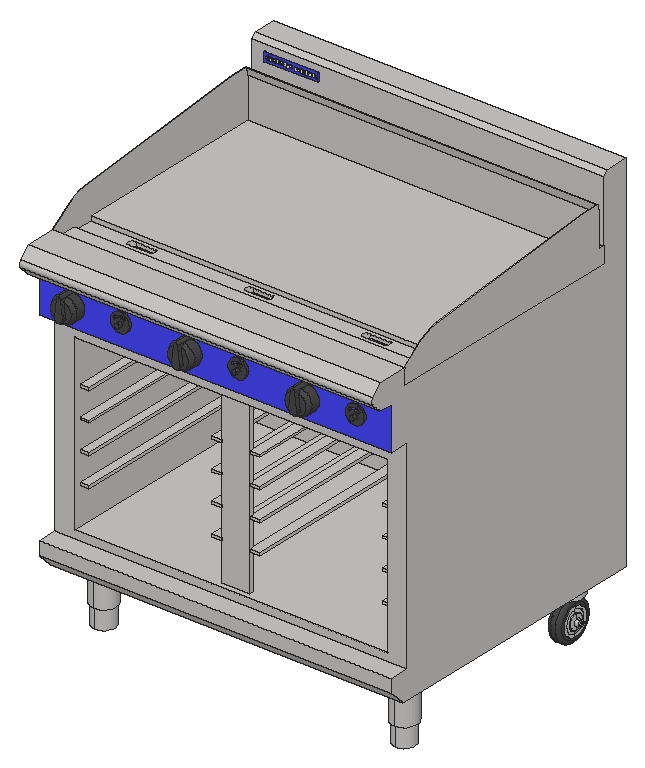
Revit family "QF_MOFFAT_BLUESEAL_CE_G516A-CB", category Specialty Equipment, Revit 2012
Parameters
  Width = 900 mm
  Weight in Pounds = 396  # constant formula
  URL Cutsheet = "www.moffat.com"
  URL = "www.moffat.com"
  Type Mark [instance] = ""
  Status [instance] = ""
  Specification by User [instance] = ""
  Specification by Manufacturer = ""
  Show Logo [instance] = yes
  Show Casters [instance] = yes
  Serial Number = ""
  Seismic Rating = ""
  SMACNA No = ""
  Revision Code [instance] = ""
  Omniclass Number and Title = ""
  NAFEM Spec ID Number = ""
  Model = "G516A-CB"
  Mechanical Remarks = ""
  Mechanical Connection Type = ""
  Masterspec = ""
  Manufacturer = "MOFFAT BLUESEAL"
  Legs [instance] = not(Show Casters)  # no
  Item Number [instance] = ""
  Installed By [instance] = ""
  Identify Quantity as Lot [instance] = yes
  Gas Size = 3/4"
  Gas RI Height = 0 mm
  Gas KW = 16.6
  Gas Input = 56869.0 Btu/h
  Gas Connection Height = 0 mm
  Furnished By [instance] = ""
  Foodservice Equipment Identifier [instance] = yes
  Description = "900MM GAS GRIDDLE PLATE ON CABINET BASE"
  Depth = 812 mm
  CSI MasterFormat = ""
  CSI Master Format = ""
  Base Height [instance] = 150 mm
Reference planes
  plane 1 "BACK": y = 0
  plane 2: z = 0
  plane 3 "LEFT": x = 0
  plane 4 "RIGHT": x = 900
  plane 5 "FRONT": y = -812
  plane 6 "TOP": z = 970
  plane 7 "Center Y": x = 450
  plane 8 "Center X": y = -406
  plane 9 "Base Height": z = 150
  plane 10: z = 915
  plane 11: z = 1085
  plane 12: z = 740
  plane 13: x = 834
  plane 14: x = 65
  plane 15: y = -625
  plane 16: y = -100
Forms (mm)
  Extrusion 1, solid, material "QF_Finishes_Stainless Steel"
    sketch origin (0, 0, 0) x (0, 1, 0) y (0, 0, 1)
      loop
        line (0, 150) -> (0, 1085) -> (-57.5, 1085) -> (-70, 1072.5) -> (-70, 875) -> (-705.25, 875) -> (-705.25, 915) -> (-783.97, 915) -> (-808.485, 890.485)
        arc (-808.485, 890.485) -> (-811.999, 882) -> (-808.485, 873.515) r 12
        line (-808.485, 873.515) -> (-784.97, 850) -> (-749, 850) -> (-749, 740) -> (-130.5, 740) -> (-130.5, 222.5) -> (-749, 222.5) -> (-749, 186) -> (-713, 150) -> (0, 150)
    from 0 to 900
  Extrusion 2, void
    sketch origin (705, 3, 100) x (1, 0, 0) y (0, 1, 0)
      loop
        circle (65, -35) r 13.5
    from 640 to 570
  Revolve 3, solid, material "QF_Finishes_Black"
    sketch origin (90, 7, 760) x (0, 1, 0) y (0, 0, -1)
      loop
        line (-789, -69.5) -> (-766, -69.5) -> (-766, -42) -> (-756, -42) -> (-756, -37) -> (-800, -37) -> (-800, -63.651) -> (-789, -69.5)
      axis (-800, -37) -> (-756, -37)
    angle from 0 to 360
  Extrusion 4, solid, material "QF_Finishes_Black"
    sketch origin (228.27, 7, 760.158) x (-1, 0, 0) y (0, 0, -1)
      loop
        line (127.85, -26.037) -> (133.271, -68.955)
        arc (133.271, -68.955) -> (138.27, -73.842) -> (143.268, -68.955) r 5
        line (143.268, -68.955) -> (148.757, -24.87)
        arc (148.757, -24.87) -> (137.685, -14.371) -> (127.85, -26.037) r 10.487
    from 759 to 808
  Revolve 5, solid, material "QF_Finishes_Stainless Steel", visible <- "Legs"
    sketch origin (834, -165, 0) x (0, 1, 0) y (0, 0, -1)
      loop
        line (33.25, -150) -> (65, -150) -> (65, 0) -> (37.5, 0) -> (37.5, -50) -> (33.25, -50) -> (33.25, -150)
      axis (65, -150) -> (65, 0)
    angle from 0 to 360
  Revolve 6, solid, material "QF_Finishes_Stainless Steel"
    sketch origin (834, -728, 0) x (0, 1, 0) y (0, 0, -1)
      loop
        line (71.25, -150) -> (103, -150) -> (103, 0) -> (75.5, 0) -> (75.5, -50) -> (71.25, -50) -> (71.25, -150)
      axis (103, -150) -> (103, 0)
    angle from 0 to 360
  Extrusion 7, solid, material "QF_Finishes_Stainless Steel"
    sketch origin (0, -130.5, 735) x (0, 0, 1) y (-1, 0, 0)
      loop
        line (5, -900) -> (5, 0) -> (-512.5, 0) -> (-512.5, -900) -> (5, -900)
      loop
        line (-50, -850) -> (-50, -50) -> (-492.5, -50) -> (-492.5, -850) -> (-50, -850)
    from 0 to 568.5
  Extrusion 8, void
    sketch origin (0, 0, 150) x (-1, 0, 0) y (0, -1, 0)
      loop
        line (-824.497, 87.26) -> (-824.497, -30.24) -> (-694.997, -30.24) -> (-694.997, 38.76) -> (-743.497, 87.26) -> (-824.497, 87.26)
    from 72.5 to 590
  Extrusion 9, solid, material "QF_Finishes_Stainless Steel"
    sketch origin (0, -130.5, 735) x (0, 0, 1) y (-1, 0, 0)
      loop
        line (-50, -485.5) -> (-50, -414.5) -> (-492.5, -414.5) -> (-492.5, -485.5) -> (-50, -485.5)
    from 543.302 to 553.302
  Extrusion 10, solid, material "QF_Finishes_Stainless Steel"
    sketch origin (0, -130.5, 735) x (0, 0, 1) y (-1, 0, 0)
      loop
        line (-246.25, -414.5) -> (-239.9, -414.5) -> (-239.9, -389.5) -> (-246.25, -389.5) -> (-246.25, -414.5)
      loop
        line (-321.25, -414.5) -> (-314.9, -414.5) -> (-314.9, -389.5) -> (-321.25, -389.5) -> (-321.25, -414.5)
      loop
        line (-321.25, -50) -> (-321.25, -75) -> (-314.9, -75) -> (-314.9, -50) -> (-321.25, -50)
      loop
        line (-239.9, -75) -> (-239.9, -50) -> (-246.25, -50) -> (-246.25, -75) -> (-239.9, -75)
      loop
        line (-396.25, -414.5) -> (-389.9, -414.5) -> (-389.9, -389.5) -> (-396.25, -389.5) -> (-396.25, -414.5)
      loop
        line (-396.25, -50) -> (-396.25, -75) -> (-389.9, -75) -> (-389.9, -50) -> (-396.25, -50)
      loop
        line (-171.25, -414.5) -> (-164.9, -414.5) -> (-164.9, -389.5) -> (-171.25, -389.5) -> (-171.25, -414.5)
      loop
        line (-164.9, -75) -> (-164.9, -50) -> (-171.25, -50) -> (-171.25, -75) -> (-164.9, -75)
      loop
        line (-246.25, -485.5) -> (-246.25, -510.5) -> (-239.9, -510.5) -> (-239.9, -485.5) -> (-246.25, -485.5)
      loop
        line (-321.25, -485.5) -> (-321.25, -510.5) -> (-314.9, -510.5) -> (-314.9, -485.5) -> (-321.25, -485.5)
      loop
        line (-321.25, -850) -> (-314.9, -850) -> (-314.9, -825) -> (-321.25, -825) -> (-321.25, -850)
      loop
        line (-239.9, -825) -> (-246.25, -825) -> (-246.25, -850) -> (-239.9, -850) -> (-239.9, -825)
      loop
        line (-396.25, -485.5) -> (-396.25, -510.5) -> (-389.9, -510.5) -> (-389.9, -485.5) -> (-396.25, -485.5)
      loop
        line (-396.25, -850) -> (-389.9, -850) -> (-389.9, -825) -> (-396.25, -825) -> (-396.25, -850)
      loop
        line (-171.25, -485.5) -> (-171.25, -510.5) -> (-164.9, -510.5) -> (-164.9, -485.5) -> (-171.25, -485.5)
      loop
        line (-164.9, -825) -> (-171.25, -825) -> (-171.25, -850) -> (-164.9, -850) -> (-164.9, -825)
    from 0 to 553.302
  Extrusion 11, solid, material "QF_Finishes_Stainless Steel"
    sketch origin (705, -4.5, 740) x (0, 1, 0) y (1, 0, 0)
      loop
        circle (-27.5, 65) r 6.35
    from 0 to 1.6
  Revolve 12, solid, material "QF_Finishes_Stainless Steel", visible <- "Show Casters"
    sketch origin (784.648, -99.755, -13.653) x (1, 0, 0) y (0, 0, 1)
      loop
        line (14.841, 63.604) -> (83.584, 63.604) -> (83.584, 67.109) -> (82.314, 68.379) -> (80.79, 68.379) -> (80.79, 71.826) -> (68.644, 71.826) -> (68.644, 81.79) -> (65.088, 83.843) -> (63.738, 92.179) -> (65.881, 92.179) -> (65.881, 98.529) -> (65.088, 98.529) -> (65.088, 104.879)
        arc (65.088, 104.879) -> (62.298, 111.614) -> (55.563, 114.404) r 9.525
        line (55.563, 114.404) -> (42.863, 114.404)
        arc (42.863, 114.404) -> (36.127, 111.614) -> (33.338, 104.879) r 9.525
        line (33.338, 104.879) -> (33.338, 98.529) -> (32.544, 98.529) -> (32.544, 92.179) -> (34.687, 92.179) -> (33.352, 83.932) -> (29.782, 81.871) -> (29.782, 71.826) -> (17.635, 71.826) -> (17.635, 68.379) -> (16.111, 68.379) -> (14.841, 67.109) -> (14.841, 63.604)
      axis (14.841, 63.604) -> (83.584, 63.604)
    angle from 0 to 360
  Revolve 13, solid, material "QF_Finishes_Stainless Steel", visible <- "Show Casters"
    sketch origin (833.871, -203, 0) x (0, 1, 0) y (0, 0, 1)
      loop
        line (68.25, 150) -> (68.25, 110) -> (104, 110) -> (104, 150) -> (68.25, 150)
      axis (104, 150) -> (104, 110)
    angle from 0 to 360
  Revolve 14, solid, material "QF_Finishes_Stainless Steel", visible <- "Legs"
    sketch origin (65, -165, 0) x (0, 1, 0) y (0, 0, -1)
      loop
        line (33.25, -150) -> (65, -150) -> (65, 0) -> (37.5, 0) -> (37.5, -50) -> (33.25, -50) -> (33.25, -150)
      axis (65, -150) -> (65, 0)
    angle from 0 to 360
  Revolve 15, solid, material "QF_Finishes_Stainless Steel"
    sketch origin (65, -728, 0) x (0, 1, 0) y (0, 0, -1)
      loop
        line (71.25, -150) -> (103, -150) -> (103, 0) -> (75.5, 0) -> (75.5, -50) -> (71.25, -50) -> (71.25, -150)
      axis (103, -150) -> (103, 0)
    angle from 0 to 360
  Revolve 16, solid, material "QF_Finishes_Stainless Steel", visible <- "Show Casters"
    sketch origin (15.648, -99.755, -13.653) x (1, 0, 0) y (0, 0, 1)
      loop
        line (14.841, 63.604) -> (83.584, 63.604) -> (83.584, 67.109) -> (82.314, 68.379) -> (80.79, 68.379) -> (80.79, 71.826) -> (68.644, 71.826) -> (68.644, 81.79) -> (65.088, 83.843) -> (63.738, 92.179) -> (65.881, 92.179) -> (65.881, 98.529) -> (65.088, 98.529) -> (65.088, 104.879)
        arc (65.088, 104.879) -> (62.298, 111.614) -> (55.563, 114.404) r 9.525
        line (55.563, 114.404) -> (42.863, 114.404)
        arc (42.863, 114.404) -> (36.127, 111.614) -> (33.338, 104.879) r 9.525
        line (33.338, 104.879) -> (33.338, 98.529) -> (32.544, 98.529) -> (32.544, 92.179) -> (34.687, 92.179) -> (33.352, 83.932) -> (29.782, 81.871) -> (29.782, 71.826) -> (17.635, 71.826) -> (17.635, 68.379) -> (16.111, 68.379) -> (14.841, 67.109) -> (14.841, 63.604)
      axis (14.841, 63.604) -> (83.584, 63.604)
    angle from 0 to 360
  Revolve 17, solid, material "QF_Finishes_Stainless Steel", visible <- "Show Casters"
    sketch origin (64.871, -203, 0) x (0, 1, 0) y (0, 0, 1)
      loop
        line (68.25, 150) -> (68.25, 110) -> (104, 110) -> (104, 150) -> (68.25, 150)
      axis (104, 150) -> (104, 110)
    angle from 0 to 360
  Revolve 18, solid, material "QF_Finishes_Black"
    sketch origin (390, 7, 760) x (0, 1, 0) y (0, 0, -1)
      loop
        line (-789, -69.5) -> (-766, -69.5) -> (-766, -42) -> (-756, -42) -> (-756, -37) -> (-800, -37) -> (-800, -63.651) -> (-789, -69.5)
      axis (-800, -37) -> (-756, -37)
    angle from 0 to 360
  Extrusion 19, solid, material "QF_Finishes_Black"
    sketch origin (528.27, 7, 760.158) x (-1, 0, 0) y (0, 0, -1)
      loop
        line (127.85, -26.037) -> (133.271, -68.955)
        arc (133.271, -68.955) -> (138.27, -73.842) -> (143.268, -68.955) r 5
        line (143.268, -68.955) -> (148.757, -24.87)
        arc (148.757, -24.87) -> (137.685, -14.371) -> (127.85, -26.037) r 10.487
    from 759 to 808
  Revolve 20, solid, material "QF_Finishes_Black"
    sketch origin (690, 7, 760) x (0, 1, 0) y (0, 0, -1)
      loop
        line (-789, -69.5) -> (-766, -69.5) -> (-766, -42) -> (-756, -42) -> (-756, -37) -> (-800, -37) -> (-800, -63.651) -> (-789, -69.5)
      axis (-800, -37) -> (-756, -37)
    angle from 0 to 360
  Extrusion 21, solid, material "QF_Finishes_Black"
    sketch origin (828.27, 7, 760.158) x (-1, 0, 0) y (0, 0, -1)
      loop
        line (127.85, -26.037) -> (133.271, -68.955)
        arc (133.271, -68.955) -> (138.27, -73.842) -> (143.268, -68.955) r 5
        line (143.268, -68.955) -> (148.757, -24.87)
        arc (148.757, -24.87) -> (137.685, -14.371) -> (127.85, -26.037) r 10.487
    from 759 to 808
  Extrusion 22, solid, material "QF_Finishes_Black"
    sketch origin (0, -749, 850) x (0, 0, -1) y (1, 0, 0)
      loop
        circle (53, 210) r 23.9
      loop
        circle (53, 510) r 23.9
      loop
        circle (53, 810) r 23.9
      loop
        arc (45.641, 818.419) -> (46.501, 823.219) -> (41.701, 824.079) r 3.448
        arc (41.701, 824.079) -> (35.116, 809.341) -> (42.919, 795.209) r 18.095
        arc (42.919, 795.209) -> (47.641, 796.491) -> (46.326, 801.204) r 3.448
        arc (46.326, 801.204) -> (42.758, 809.683) -> (45.641, 818.419) r 13.109
      loop
        arc (45.641, 518.419) -> (46.501, 523.219) -> (41.701, 524.079) r 3.448
        arc (41.701, 524.079) -> (35.116, 509.341) -> (42.919, 495.209) r 18.095
        arc (42.919, 495.209) -> (47.641, 496.491) -> (46.326, 501.204) r 3.448
        arc (46.326, 501.204) -> (42.758, 509.683) -> (45.641, 518.419) r 13.109
      loop
        arc (45.641, 218.419) -> (46.501, 223.219) -> (41.701, 224.079) r 3.448
        arc (41.701, 224.079) -> (35.116, 209.341) -> (42.919, 195.209) r 18.095
        arc (42.919, 195.209) -> (47.641, 196.491) -> (46.326, 201.204) r 3.448
        arc (46.326, 201.204) -> (42.758, 209.683) -> (45.641, 218.419) r 13.109
    from 0 to 5
  Extrusion 23, solid, material "QF_Finishes_Black"
    sketch origin (0, -754, 850) x (0, 0, -1) y (1, 0, 0)
      loop
        circle (56.5, 210) r 5.75
      loop
        circle (56.5, 510) r 5.75
      loop
        circle (56.5, 810) r 5.75
    from 0 to 10
Cuts and joins
  Extrusion 2, Extrusion 8 cuts Extrusion 1
  joined: Extrusion 1, Extrusion 7
Lines and regions (mm)
  Split face 1
    outline origin (900, 0, 1085) x (-1, 0, 0) y (0, -1, 0)
      loop
        arc (856, 18.385) -> (864.66, 23.385) -> (864.66, 33.385) r 10
        line (864.66, 33.385) -> (860.619, 40.385)
        arc (860.619, 40.385) -> (856.959, 44.045) -> (851.959, 45.385) r 10
        line (851.959, 45.385) -> (624, 45.385)
        arc (624, 45.385) -> (615.34, 40.385) -> (615.34, 30.385) r 10
        line (615.34, 30.385) -> (619.381, 23.385)
        arc (619.381, 23.385) -> (623.041, 19.725) -> (628.041, 18.385) r 10
        line (628.041, 18.385) -> (856, 18.385)
  Split face 2
    outline origin (900, 0, 1085) x (-1, 0, 0) y (0, -1, 0)
      loop
        arc (44, 45.385) -> (35.34, 40.385) -> (35.34, 30.385) r 10
        line (35.34, 30.385) -> (39.381, 23.385)
        arc (39.381, 23.385) -> (43.041, 19.725) -> (48.041, 18.385) r 10
        line (48.041, 18.385) -> (276, 18.385)
        arc (276, 18.385) -> (284.66, 23.385) -> (284.66, 33.385) r 10
        line (284.66, 33.385) -> (280.619, 40.385)
        arc (280.619, 40.385) -> (276.959, 44.045) -> (271.959, 45.385) r 10
        line (271.959, 45.385) -> (44, 45.385)
  Split face 3
    outline origin (900, 0, 1085) x (-1, 0, 0) y (0, -1, 0)
      loop
        arc (566, 18.385) -> (574.66, 23.385) -> (574.66, 33.385) r 10
        line (574.66, 33.385) -> (570.619, 40.385)
        arc (570.619, 40.385) -> (566.959, 44.045) -> (561.959, 45.385) r 10
        line (561.959, 45.385) -> (334, 45.385)
        arc (334, 45.385) -> (325.34, 40.385) -> (325.34, 30.385) r 10
        line (325.34, 30.385) -> (329.381, 23.385)
        arc (329.381, 23.385) -> (333.041, 19.725) -> (338.041, 18.385) r 10
        line (338.041, 18.385) -> (566, 18.385)
  symbolic lines, style "SpecialityEquipmentHiddenLines", visible <- "Show Casters"
    curve 1: line (78.456, -46.735, 0) -> (105.952, -62.61, 0)
    curve 2: line (27.656, -134.723, 0) -> (78.456, -46.735, 0)
    curve 3: line (55.152, -150.598, 0) -> (27.656, -134.723, 0)
    curve 4: line (105.952, -62.61, 0) -> (55.152, -150.598, 0)
    curve 5: line (847.456, -46.735, 0) -> (874.952, -62.61, 0)
    curve 6: line (796.656, -134.723, 0) -> (847.456, -46.735, 0)
    curve 7: line (824.152, -150.598, 0) -> (796.656, -134.723, 0)
    curve 8: line (874.952, -62.61, 0) -> (824.152, -150.598, 0)
  symbolic lines
    curve 9: line (0, -783.97, 0) -> (900, -783.97, 0)
    curve 10: line (0, -811.999, 0) -> (900, -811.999, 0)
    curve 11: line (0, 0, 0) -> (0, -811.999, 0)
    curve 12: line (900, 0, 0) -> (0, 0, 0)
    curve 13: line (900, -811.999, 0) -> (900, 0, 0)
    curve 14: line (624, -18.385, 0) -> (851.959, -18.385, 0)
    curve 15: arc (851.959, -18.385, 0) -> (856.959, -19.725, 0) -> (860.619, -23.385, 0) r 10
    curve 16: line (860.619, -23.385, 0) -> (864.66, -30.385, 0)
    curve 17: arc (864.66, -30.385, 0) -> (864.66, -40.385, 0) -> (856, -45.385, 0) r 10
    curve 18: line (856, -45.385, 0) -> (628.041, -45.385, 0)
    curve 19: arc (628.041, -45.385, 0) -> (623.041, -44.045, 0) -> (619.381, -40.385, 0) r 10
    curve 20: line (619.381, -40.385, 0) -> (615.34, -33.385, 0)
    curve 21: arc (615.34, -33.385, 0) -> (615.34, -23.385, 0) -> (624, -18.385, 0) r 10
    curve 22: line (561.959, -18.385, 0) -> (334, -18.385, 0)
    curve 23: arc (334, -18.385, 0) -> (325.34, -23.385, 0) -> (325.34, -33.385, 0) r 10
    curve 24: line (325.34, -33.385, 0) -> (329.381, -40.385, 0)
    curve 25: arc (329.381, -40.385, 0) -> (333.041, -44.045, 0) -> (338.041, -45.385, 0) r 10
    curve 26: line (338.041, -45.385, 0) -> (566, -45.385, 0)
    curve 27: arc (566, -45.385, 0) -> (574.66, -40.385, 0) -> (574.66, -30.385, 0) r 10
    curve 28: line (574.66, -30.385, 0) -> (570.619, -23.385, 0)
    curve 29: arc (570.619, -23.385, 0) -> (566.959, -19.725, 0) -> (561.959, -18.385, 0) r 10
    curve 30: line (44, -18.385, 0) -> (271.959, -18.385, 0)
    curve 31: arc (271.959, -18.385, 0) -> (276.959, -19.725, 0) -> (280.619, -23.385, 0) r 10
    curve 32: line (280.619, -23.385, 0) -> (284.66, -30.385, 0)
    curve 33: arc (284.66, -30.385, 0) -> (284.66, -40.385, 0) -> (276, -45.385, 0) r 10
    curve 34: line (276, -45.385, 0) -> (48.041, -45.385, 0)
    curve 35: arc (48.041, -45.385, 0) -> (43.041, -44.045, 0) -> (39.381, -40.385, 0) r 10
    curve 36: line (39.381, -40.385, 0) -> (35.34, -33.385, 0)
    curve 37: arc (35.34, -33.385, 0) -> (35.34, -23.385, 0) -> (44, -18.385, 0) r 10
    curve 38: line (0, -705.25, 0) -> (900, -705.25, 0)
    curve 39: line (0, -57.5, 0) -> (900, -57.5, 0)
    curve 40: line (0, -70, 0) -> (900, -70, 0)
Dimensions and locks
  equal spacing: plane 3 "LEFT", plane 7 "Center Y", plane 4 "RIGHT"
  "Width": plane 3 "LEFT" to plane 4 "RIGHT"
  equal spacing: plane 5 "FRONT", plane 8 "Center X", plane 1 "BACK"
  "Depth": plane 5 "FRONT" to plane 1 "BACK"
  "Base Height": plane 9 "Base Height" to level
  plane 10 to level = 915 mm
  cut or joined group of Extrusion 1, Extrusion 2, Extrusion 7, Extrusion 8 to level = 740 mm
  plane 11 to plane 2 = 1085 mm
  plane 2 to plane 12 = 740 mm
  plane 13 to plane 14 = 769 mm
  plane 16 to plane 15 = 525 mm
  plane 1 "BACK" to plane 16 = 100 mm
  Revolve 12 sketch curve to Revolve 12 sketch curve = 50.8 mm
  Extrusion 11 sketch curve to plane 4 "RIGHT" = 130 mm
  Revolve 16 sketch curve to Revolve 16 sketch curve = 50.8 mm
  Extrusion 11 sketch curve to plane 1 "BACK" = 32 mm
  aligned and locked: level to plane 2
Automatic sketch dimensions
  plane 1 "BACK" to curve 12 = 0 mm
  curve 12 to plane 3 "LEFT" = 0 mm
  curve 10 to plane 4 "RIGHT" = 0 mm
  plane 3 "LEFT" to curve 2 = 27.656 mm
  curve 36 to plane 14 = 29.66 mm
  curve 37 to curve 35 = 4.041 mm  (x2)
  curve 37 to curve 37 = 8.66 mm
  curve 4 to plane 14 = 9.848 mm
  plane 14 to curve 1 = 13.456 mm
  plane 1 "BACK" to curve 30 = 18.385 mm
  curve 1 to curve 30 = 166.007 mm
  curve 31 to curve 34 = 4.041 mm
  curve 30 to curve 31 = 8.66 mm
  plane 1 "BACK" to curve 32 = 30.385 mm
  curve 31 to curve 32 = 4.041 mm
  plane 1 "BACK" to curve 24 = 33.385 mm
  curve 32 to curve 24 = 40.679 mm
  curve 24 to curve 25 = 4.041 mm
  curve 23 to curve 22 = 8.66 mm
  curve 25 to curve 25 = 8.66 mm
  plane 1 "BACK" to curve 29 = 28.385 mm
  plane 7 "Center Y" to curve 29 = 111.959 mm
  curve 29 to curve 27 = 4.041 mm
  curve 22 to curve 29 = 8.66 mm
  plane 1 "BACK" to curve 28 = 30.385 mm
  curve 29 to curve 28 = 4.041 mm
  plane 1 "BACK" to curve 20 = 33.385 mm
  curve 28 to curve 20 = 40.679 mm
  plane 1 "BACK" to curve 20 = 40.385 mm
  curve 20 to curve 20 = 4.041 mm
  curve 20 to curve 21 = 8.66 mm
  curve 21 to curve 19 = 4.041 mm
  curve 6 to plane 13 = 37.344 mm
  curve 8 to plane 13 = 9.848 mm
  plane 13 to curve 6 = 13.456 mm
  plane 13 to curve 15 = 17.959 mm
  curve 15 to curve 17 = 4.041 mm
  curve 14 to curve 16 = 8.66 mm
  curve 16 to curve 16 = 4.041 mm
  curve 35 to curve 30 = 27 mm
  curve 19 to curve 19 = 5 mm
  curve 25 to curve 23 = 12 mm
  curve 1 to curve 35 = 1.35 mm
  curve 5 to curve 17 = 1.35 mm
  curve 39 to plane 16 = 42.5 mm
  curve 8 to curve 39 = 5.11 mm
  curve 1 to curve 1 = 15.875 mm
  curve 40 to curve 39 = 12.5 mm
  plane 15 to curve 38 = 80.25 mm
  curve 9 to plane 5 "FRONT" = 28.03 mm
  curve 10 to plane 5 "FRONT" = 0.001 mm
  curve 25 to curve 24 = 7 mm
  curve 34 to curve 35 = 5 mm
  curve 18 to curve 17 = 10 mm
  curve 35 to curve 37 = 7 mm
  curve 25 to curve 23 = 7 mm
  curve 19 to curve 21 = 7 mm
  curve 33 to curve 31 = 7 mm
  curve 17 to curve 15 = 7 mm
  Extrusion 1 sketch curve to plane 10 = 0 mm
  plane 12 to Extrusion 1 sketch curve = 0 mm
  Extrusion 1 sketch curve to plane 9 "Base Height" = 0 mm
  Extrusion 1 sketch curve to plane 11 = 0 mm
  Extrusion 1 sketch curve to plane 1 "BACK" = 0 mm
  Extrusion 1 sketch curve to plane 16 = 42.5 mm
  Extrusion 1 sketch curve to plane 16 = 30 mm
  plane 16 to Extrusion 1 sketch curve = 30.5 mm
  plane 15 to Extrusion 1 sketch curve = 80.25 mm
  plane 15 to Extrusion 1 sketch curve = 88 mm
  Extrusion 1 sketch curve to plane 5 "FRONT" = 63 mm  (x2)
  Extrusion 1 sketch curve to plane 5 "FRONT" = 28.03 mm
  Extrusion 1 sketch curve to plane 5 "FRONT" = 27.03 mm
  Extrusion 1 sketch curve to plane 5 "FRONT" = 12.001 mm
  Extrusion 1 sketch curve to plane 5 "FRONT" = 3.515 mm  (x2)
  plane 9 "Base Height" to Extrusion 1 sketch curve = 36 mm
  Extrusion 1 sketch curve to Extrusion 1 sketch curve = 36.5 mm
  Extrusion 1 sketch curve to plane 10 = 65 mm
  Extrusion 1 sketch curve to Extrusion 1 sketch curve = 23.515 mm
  Extrusion 1 sketch curve to plane 10 = 40 mm
  Extrusion 1 sketch curve to Extrusion 1 sketch curve = 8.485 mm
  Extrusion 1 sketch curve to plane 11 = 12.5 mm
  plane 1 "BACK" to Extrusion 2 sketch curve = 32 mm
  Extrusion 2 sketch curve to plane 13 = 64 mm
  Revolve 3 sketch curve to plane 5 "FRONT" = 19 mm
  Revolve 3 sketch curve to Revolve 3 sketch curve = 0 mm  (x2)
  Revolve 3 sketch curve to Revolve 3 sketch curve = 11 mm
  Revolve 3 sketch curve to Revolve 3 sketch curve = 12.7 mm
  Revolve 3 sketch curve to Revolve 3 sketch curve = 23 mm
  Revolve 3 sketch curve to Revolve 3 sketch curve = 10 mm
  Revolve 3 sketch curve to plane 10 = 85.5 mm
  Revolve 3 sketch curve to Revolve 3 sketch curve = 5.849 mm
  Revolve 3 sketch curve to Revolve 3 sketch curve = 27.5 mm
  Revolve 3 sketch curve to Revolve 3 sketch curve = 5 mm
  plane 14 to Extrusion 4 sketch curve = 35.419 mm
  plane 14 to Extrusion 4 sketch curve = 29.999 mm
  Extrusion 4 sketch curve to Extrusion 4 sketch curve = 10.419 mm
  Extrusion 4 sketch curve to Extrusion 4 sketch curve = 4.999 mm  (x2)
  Extrusion 4 sketch curve to Extrusion 4 sketch curve = 10.487 mm
  Extrusion 4 sketch curve to plane 10 = 85.887 mm
  Extrusion 4 sketch curve to Extrusion 4 sketch curve = 0.113 mm
  Extrusion 4 sketch curve to Extrusion 4 sketch curve = 42.919 mm
  Extrusion 4 sketch curve to Extrusion 4 sketch curve = 1.167 mm
  Revolve 5 sketch curve to plane 9 "Base Height" = 0 mm
  Revolve 5 sketch curve to level = 0 mm
  Revolve 5 sketch curve to plane 16 = 0 mm  (x2)
  plane 16 to Revolve 5 sketch curve = 27.5 mm
  plane 16 to Revolve 5 sketch curve = 31.75 mm
  level to Revolve 5 sketch curve = 50 mm
  Revolve 5 sketch curve to Revolve 5 sketch curve = 0 mm
  Revolve 5 sketch curve to Revolve 5 sketch curve = 55 mm
  Revolve 6 sketch curve to plane 9 "Base Height" = 0 mm
  Revolve 6 sketch curve to level = 0 mm
  Revolve 6 sketch curve to plane 15 = 0 mm  (x2)
  plane 15 to Revolve 6 sketch curve = 27.5 mm
  plane 15 to Revolve 6 sketch curve = 31.75 mm
  level to Revolve 6 sketch curve = 50 mm
  Revolve 6 sketch curve to Revolve 6 sketch curve = 0 mm
  Revolve 6 sketch curve to Revolve 6 sketch curve = 55 mm
  Extrusion 1 to Extrusion 7 sketch curve = 0 mm
  Extrusion 7 sketch curve to Extrusion 1 = 0 mm  (x3)
  Extrusion 1 to Extrusion 7 sketch curve = 20 mm
  Extrusion 7 sketch curve to Extrusion 1 = 55 mm
  Extrusion 1 to Extrusion 7 sketch curve = 50 mm  (x2)
  Extrusion 8 sketch curve to plane 13 = 9.503 mm
  Extrusion 8 sketch curve to plane 16 = 12.74 mm
  Extrusion 8 sketch curve to Extrusion 8 sketch curve = 81 mm
  Extrusion 8 sketch curve to Extrusion 8 sketch curve = 48.5 mm
  plane 1 "BACK" to Extrusion 8 sketch curve = 38.76 mm
  Extrusion 8 sketch curve to plane 1 "BACK" = 30.24 mm
  Extrusion 1 to Extrusion 9 sketch curve = 20 mm
  Extrusion 9 sketch curve to Extrusion 1 = 55 mm
  Extrusion 1 to Extrusion 9 sketch curve = 414.5 mm
  Extrusion 9 sketch curve to Extrusion 9 sketch curve = 71 mm
  Extrusion 1 to Extrusion 10 sketch curve = 116.25 mm  (x3)
  Extrusion 10 sketch curve to Extrusion 10 sketch curve = 0 mm  (x6)
  Extrusion 1 to Extrusion 10 sketch curve = 50 mm  (x4)
  Extrusion 10 sketch curve to Extrusion 10 sketch curve = 6.35 mm  (x16)
  Extrusion 10 sketch curve to Extrusion 10 sketch curve = 68.65 mm  (x12)
  Extrusion 10 sketch curve to Extrusion 10 sketch curve = 25 mm  (x16)
  Extrusion 10 sketch curve to Extrusion 10 sketch curve = 314.5 mm
  Extrusion 10 sketch curve to Extrusion 10 sketch curve = 71 mm  (x4)
  Extrusion 1 to Extrusion 10 sketch curve = 75 mm  (x2)
  Split face 1 sketch curve to cut or joined group of Extrusion 1, Extrusion 2, Extrusion 7, Extrusion 8 = 27.115 mm
  Split face 1 sketch curve to cut or joined group of Extrusion 1, Extrusion 2, Extrusion 7, Extrusion 8 = 284.66 mm
  Split face 1 sketch curve to Split face 1 sketch curve = 4.041 mm  (x4)
  Split face 1 sketch curve to Split face 1 sketch curve = 8.66 mm  (x2)
  Split face 1 sketch curve to cut or joined group of Extrusion 1, Extrusion 2, Extrusion 7, Extrusion 8 = 12.115 mm
  Split face 1 sketch curve to cut or joined group of Extrusion 1, Extrusion 2, Extrusion 7, Extrusion 8 = 48.041 mm
  Split face 1 sketch curve to Split face 1 sketch curve = 7 mm  (x3)
  Split face 1 sketch curve to Split face 1 sketch curve = 17 mm
  Split face 2 sketch curve to cut or joined group of Extrusion 1, Extrusion 2, Extrusion 7, Extrusion 8 = 35.34 mm
  Split face 2 sketch curve to Split face 2 sketch curve = 4.041 mm  (x4)
  Split face 2 sketch curve to Split face 2 sketch curve = 8.66 mm  (x2)
  Split face 2 sketch curve to cut or joined group of Extrusion 1, Extrusion 2, Extrusion 7, Extrusion 8 = 22.115 mm
  Split face 2 sketch curve to Split face 2 sketch curve = 223.917 mm
  Split face 2 sketch curve to cut or joined group of Extrusion 1, Extrusion 2, Extrusion 7, Extrusion 8 = 17.115 mm
  Split face 2 sketch curve to Split face 2 sketch curve = 10 mm
  Split face 2 sketch curve to Split face 2 sketch curve = 7 mm  (x3)
  Split face 3 sketch curve to cut or joined group of Extrusion 1, Extrusion 2, Extrusion 7, Extrusion 8 = 27.115 mm
  Split face 3 sketch curve to cut or joined group of Extrusion 1, Extrusion 2, Extrusion 7, Extrusion 8 = 325.34 mm
  Split face 3 sketch curve to Split face 3 sketch curve = 4.041 mm  (x4)
  Split face 3 sketch curve to Split face 3 sketch curve = 8.66 mm  (x2)
  Split face 3 sketch curve to cut or joined group of Extrusion 1, Extrusion 2, Extrusion 7, Extrusion 8 = 12.115 mm
  Split face 3 sketch curve to Split face 3 sketch curve = 223.917 mm
  Split face 3 sketch curve to Split face 3 sketch curve = 7 mm  (x3)
  Split face 3 sketch curve to Split face 3 sketch curve = 17 mm
  Revolve 12 sketch curve to plane 13 = 34.511 mm
  Revolve 12 sketch curve to Revolve 12 sketch curve = 1.27 mm  (x4)
  Revolve 12 sketch curve to Revolve 12 sketch curve = 1.524 mm  (x2)
  Revolve 12 sketch curve to Revolve 12 sketch curve = 12.146 mm  (x2)
  Revolve 12 sketch curve to plane 13 = 16.809 mm
  Revolve 12 sketch curve to Revolve 12 sketch curve = 0.794 mm  (x2)
  Revolve 12 sketch curve to Revolve 12 sketch curve = 3.57 mm
  Revolve 12 sketch curve to Revolve 12 sketch curve = 2.143 mm
  Revolve 12 sketch curve to plane 13 = 6.49 mm
  plane 13 to Revolve 12 sketch curve = 5.001 mm
  plane 13 to Revolve 12 sketch curve = 6.21 mm
  plane 13 to Revolve 12 sketch curve = 14.386 mm
  Revolve 12 sketch curve to Revolve 12 sketch curve = 1.349 mm  (x2)
  Revolve 12 sketch curve to Revolve 12 sketch curve = 3.556 mm
  Revolve 12 sketch curve to plane 4 "RIGHT" = 1.551 mm
  level to Revolve 12 sketch curve = 49.952 mm
  Revolve 12 sketch curve to Revolve 12 sketch curve = 0 mm
  Revolve 12 sketch curve to Revolve 12 sketch curve = 3.505 mm  (x2)
  Revolve 12 sketch curve to Revolve 12 sketch curve = 3.447 mm  (x2)
  Revolve 12 sketch curve to Revolve 12 sketch curve = 9.964 mm
  Revolve 12 sketch curve to Revolve 12 sketch curve = 10.045 mm
  Revolve 12 sketch curve to Revolve 12 sketch curve = 2.053 mm
  Revolve 12 sketch curve to Revolve 12 sketch curve = 2.061 mm
  Revolve 12 sketch curve to Revolve 12 sketch curve = 8.247 mm
  Revolve 12 sketch curve to Revolve 12 sketch curve = 8.336 mm
  Revolve 12 sketch curve to Revolve 12 sketch curve = 6.35 mm  (x2)
  Revolve 13 sketch curve to plane 9 "Base Height" = 0 mm
  plane 16 to Revolve 13 sketch curve = 34.75 mm
  Revolve 13 sketch curve to plane 16 = 1 mm  (x2)
  Revolve 13 sketch curve to plane 9 "Base Height" = 40 mm
  level to Revolve 13 sketch curve = 50 mm
  Revolve 13 sketch curve to level = 55 mm
  Revolve 14 sketch curve to plane 9 "Base Height" = 0 mm
  Revolve 14 sketch curve to level = 0 mm
  Revolve 14 sketch curve to plane 16 = 0 mm  (x2)
  plane 16 to Revolve 14 sketch curve = 27.5 mm
  plane 16 to Revolve 14 sketch curve = 31.75 mm
  level to Revolve 14 sketch curve = 50 mm
  Revolve 14 sketch curve to Revolve 14 sketch curve = 0 mm
  Revolve 14 sketch curve to Revolve 14 sketch curve = 55 mm
  Revolve 15 sketch curve to plane 9 "Base Height" = 0 mm
  Revolve 15 sketch curve to level = 0 mm
  Revolve 15 sketch curve to plane 15 = 0 mm  (x2)
  plane 15 to Revolve 15 sketch curve = 27.5 mm
  plane 15 to Revolve 15 sketch curve = 31.75 mm
  level to Revolve 15 sketch curve = 50 mm
  Revolve 15 sketch curve to Revolve 15 sketch curve = 0 mm
  Revolve 15 sketch curve to Revolve 15 sketch curve = 55 mm
  plane 3 "LEFT" to Revolve 16 sketch curve = 30.489 mm
  Revolve 16 sketch curve to Revolve 16 sketch curve = 1.27 mm  (x4)
  Revolve 16 sketch curve to Revolve 16 sketch curve = 1.524 mm  (x2)
  Revolve 16 sketch curve to Revolve 16 sketch curve = 12.146 mm  (x2)
  Revolve 16 sketch curve to plane 14 = 16.809 mm
  Revolve 16 sketch curve to Revolve 16 sketch curve = 0.794 mm  (x2)
  Revolve 16 sketch curve to Revolve 16 sketch curve = 3.57 mm
  Revolve 16 sketch curve to Revolve 16 sketch curve = 2.143 mm
  Revolve 16 sketch curve to plane 14 = 6.49 mm
  plane 14 to Revolve 16 sketch curve = 5.001 mm
  plane 14 to Revolve 16 sketch curve = 6.21 mm
  plane 14 to Revolve 16 sketch curve = 14.386 mm
  Revolve 16 sketch curve to Revolve 16 sketch curve = 1.349 mm  (x2)
  Revolve 16 sketch curve to Revolve 16 sketch curve = 3.556 mm
  Revolve 16 sketch curve to Revolve 16 sketch curve = 33.32 mm
  level to Revolve 16 sketch curve = 49.952 mm
  Revolve 16 sketch curve to Revolve 16 sketch curve = 0 mm
  Revolve 16 sketch curve to Revolve 16 sketch curve = 3.505 mm  (x2)
  Revolve 16 sketch curve to Revolve 16 sketch curve = 3.447 mm  (x2)
  Revolve 16 sketch curve to Revolve 16 sketch curve = 9.964 mm
  Revolve 16 sketch curve to Revolve 16 sketch curve = 10.045 mm
  Revolve 16 sketch curve to Revolve 16 sketch curve = 2.053 mm
  Revolve 16 sketch curve to Revolve 16 sketch curve = 2.061 mm
  Revolve 16 sketch curve to Revolve 16 sketch curve = 8.247 mm
  Revolve 16 sketch curve to Revolve 16 sketch curve = 8.336 mm
  Revolve 16 sketch curve to Revolve 16 sketch curve = 6.35 mm  (x2)
  Revolve 17 sketch curve to plane 9 "Base Height" = 0 mm
  plane 16 to Revolve 17 sketch curve = 34.75 mm
  Revolve 17 sketch curve to plane 16 = 1 mm  (x2)
  Revolve 17 sketch curve to plane 9 "Base Height" = 40 mm
  level to Revolve 17 sketch curve = 50 mm
  Revolve 17 sketch curve to level = 55 mm
  Revolve 18 sketch curve to plane 5 "FRONT" = 19 mm
  Revolve 18 sketch curve to Revolve 18 sketch curve = 0 mm  (x2)
  Revolve 18 sketch curve to Revolve 18 sketch curve = 11 mm
  Revolve 18 sketch curve to Revolve 18 sketch curve = 12.7 mm
  Revolve 18 sketch curve to Revolve 18 sketch curve = 23 mm
  Revolve 18 sketch curve to Revolve 18 sketch curve = 10 mm
  Revolve 18 sketch curve to plane 10 = 85.5 mm
  Revolve 18 sketch curve to Revolve 18 sketch curve = 5.849 mm
  Revolve 18 sketch curve to Revolve 18 sketch curve = 27.5 mm
  Revolve 18 sketch curve to Revolve 18 sketch curve = 5 mm
  Extrusion 19 sketch curve to plane 7 "Center Y" = 49.581 mm
  Extrusion 19 sketch curve to Extrusion 19 sketch curve = 5.421 mm
  Extrusion 19 sketch curve to Extrusion 19 sketch curve = 10.419 mm
  Extrusion 19 sketch curve to Extrusion 19 sketch curve = 4.999 mm  (x2)
  Extrusion 19 sketch curve to Extrusion 19 sketch curve = 10.487 mm
  Extrusion 19 sketch curve to plane 10 = 85.887 mm
  Extrusion 19 sketch curve to Extrusion 19 sketch curve = 0.113 mm
  Extrusion 19 sketch curve to Extrusion 19 sketch curve = 42.919 mm
  Extrusion 19 sketch curve to Extrusion 19 sketch curve = 1.167 mm
  Revolve 20 sketch curve to plane 5 "FRONT" = 19 mm
  Revolve 20 sketch curve to Revolve 20 sketch curve = 0 mm  (x2)
  Revolve 20 sketch curve to Revolve 20 sketch curve = 11 mm
  Revolve 20 sketch curve to Revolve 20 sketch curve = 12.7 mm
  Revolve 20 sketch curve to Revolve 20 sketch curve = 23 mm
  Revolve 20 sketch curve to Revolve 20 sketch curve = 10 mm
  Revolve 20 sketch curve to plane 10 = 85.5 mm
  Revolve 20 sketch curve to Revolve 20 sketch curve = 5.849 mm
  Revolve 20 sketch curve to Revolve 20 sketch curve = 27.5 mm
  Revolve 20 sketch curve to Revolve 20 sketch curve = 5 mm
  Extrusion 21 sketch curve to plane 12 = 46.195 mm
  Extrusion 21 sketch curve to plane 13 = 133.581 mm
  Extrusion 21 sketch curve to Extrusion 21 sketch curve = 5.421 mm
  Extrusion 21 sketch curve to Extrusion 21 sketch curve = 10.419 mm
  Extrusion 21 sketch curve to Extrusion 21 sketch curve = 4.999 mm  (x2)
  Extrusion 21 sketch curve to plane 10 = 85.887 mm
  Extrusion 21 sketch curve to Extrusion 21 sketch curve = 10.487 mm
  Extrusion 21 sketch curve to Extrusion 21 sketch curve = 0.113 mm
  Extrusion 21 sketch curve to Extrusion 21 sketch curve = 1.167 mm
  Extrusion 1 to Extrusion 22 sketch curve = 41.701 mm
  Extrusion 22 sketch curve to Extrusion 22 sketch curve = 1.218 mm
  Extrusion 22 sketch curve to Extrusion 22 sketch curve = 1.97 mm  (x6)
  Extrusion 22 sketch curve to Extrusion 22 sketch curve = 1.724 mm  (x3)
  Extrusion 22 sketch curve to Extrusion 22 sketch curve = 1.683 mm  (x3)
  Extrusion 1 to Extrusion 22 sketch curve = 53 mm  (x2)
  Extrusion 22 sketch curve to Extrusion 22 sketch curve = 6.674 mm
  Extrusion 22 sketch curve to Extrusion 22 sketch curve = 0.195 mm  (x3)
  Extrusion 22 sketch curve to Extrusion 22 sketch curve = 2.662 mm  (x3)
  Extrusion 1 to Extrusion 22 sketch curve = 210 mm
  Extrusion 22 sketch curve to Extrusion 22 sketch curve = 300 mm
  Extrusion 1 to Extrusion 22 sketch curve = 104.791 mm
  Extrusion 22 sketch curve to Extrusion 22 sketch curve = 2.986 mm  (x2)
  Extrusion 22 sketch curve to Extrusion 22 sketch curve = 8.796 mm  (x2)
  Extrusion 22 sketch curve to Extrusion 22 sketch curve = 0.103 mm  (x3)
  Extrusion 22 sketch curve to Extrusion 22 sketch curve = 0.102 mm  (x3)
  Extrusion 22 sketch curve to Extrusion 22 sketch curve = 11.299 mm  (x2)
  Extrusion 22 sketch curve to Extrusion 22 sketch curve = 10.081 mm  (x2)
  Extrusion 22 sketch curve to Extrusion 22 sketch curve = 14.791 mm
  Extrusion 22 sketch curve to Extrusion 22 sketch curve = 3.009 mm
  radius of Extrusion 2 sketch curve = 13.5 mm
  radius of Extrusion 11 sketch curve = 6.35 mm
  radius of Extrusion 22 sketch curve = 23.9 mm  (x3)
Nested families
  nested 1: "WALDORF LOGO_FACE BASE" at (32, -70, 1056.885) x (1, 0, 0) z (0, -1, 0), visible <- "Show Logo", type "WALDORF LOGO_FACE BASE", detail levels medium+fine
    with Show Logo yes
  nested 2: "ELECTRIC GRIDDLE PLATE 900" at (0, -85.003, 875), type "ELECTRIC GRIDDLE PLATE 900"
    with Width 900 mm, Type Mark "", Status "", Specification by User "", Revision Code "", Item Number "", Installed By "", Identify Quantity as Lot yes, Furnished By "", Foodservice Equipment Identifier yes, Depth 620 mm
Connectors
  piping at (770, -32, 738.4)
    settings: on Extrusion 11, index 1, connector radius 0.37402", flow factor 0, pipe flow 0 GPM, pressure drop 0.00 psi, fitting loss kfactor 0, connector angle 0.00°, fixture units 0, engagement length 0 mm, flow configuration 1, flow direction 1, fitting loss method 0, system type 7, joint type 0, gender type 0, connector reference index -1, connector utility 0, adjustable connector no, is connector primary yes, fitting loss table "", connector description "GAS CONNECTION"
Definition of nested family "WALDORF LOGO_FACE BASE"
  Parameters (values of type "WALDORF LOGO_FACE BASE")
    Show Logo [instance] = yes
    Default Elevation = 1219.2 mm
  Reference planes
    plane 1 "Center (Front/Back)": y = 0
    plane 2: z = 0
    plane 3 "Center (Left/Right)": x = 0
  Forms (mm)
    Extrusion 1, solid
      sketch origin (0, 0, 0) x (1, 0, 0) y (0, 1, 0)
        loop
          line (-1219.2, 1219.2) -> (-1219.2, -1219.2) -> (1219.2, -1219.2) -> (1219.2, 1219.2) -> (-1219.2, 1219.2)
      from 0 to -304.8
    Extrusion 2, solid, material "QF_Finishes_Blue", visible <- "Show Logo"
      sketch origin (0, -33.217, 0) x (1, 0, 0) y (0, 1, 0)
        loop
          arc (138, 31.942) -> (137.626, 32.844) -> (136.724, 33.217) r 1.276
          line (136.724, 33.217) -> (1.29, 33.217)
          arc (1.29, 33.217) -> (0.378, 32.839) -> (0, 31.927) r 1.29
          line (0, 31.927) -> (0, 11.507)
          arc (0, 11.507) -> (0.378, 10.595) -> (1.29, 10.217) r 1.29
          line (1.29, 10.217) -> (136.71, 10.217)
          arc (136.71, 10.217) -> (137.622, 10.595) -> (138, 11.507) r 1.29
          line (138, 11.507) -> (138, 31.942)
      from 0 to 1.588
    Extrusion 3, solid, material "QF_Finishes_White", visible <- "Show Logo"
      sketch origin (0, -33.217, 1.588) x (1, 0, 0) y (0, 1, 0)
        loop
          arc (108.946, 25.919) -> (107.613, 25.367) -> (107.061, 24.034) r 1.885
          line (107.061, 24.034) -> (107.061, 17.211) -> (112.704, 17.211) -> (112.704, 19.129) -> (115.546, 19.129) -> (115.546, 17.211) -> (121.584, 17.211) -> (121.584, 24.075)
          arc (121.584, 24.075) -> (121.043, 25.379) -> (119.739, 25.919) r 1.845
          line (119.739, 25.919) -> (108.946, 25.919)
        loop
          line (123.478, 25.919) -> (123.478, 17.163) -> (134.904, 17.163) -> (134.904, 19.129) -> (129.246, 19.129) -> (129.246, 25.919) -> (123.478, 25.919)
        loop
          line (112.704, 21.258) -> (115.546, 21.258) -> (115.546, 22.702)
          arc (115.546, 22.702) -> (115.344, 23.188) -> (114.858, 23.389) r 0.687
          line (114.858, 23.389) -> (113.363, 23.389)
          arc (113.363, 23.389) -> (112.897, 23.196) -> (112.704, 22.73) r 0.658
          line (112.704, 22.73) -> (112.704, 21.258)
        loop
          line (105.071, 25.919) -> (93.771, 25.919) -> (93.771, 17.163) -> (105.071, 17.163) -> (105.071, 19.063) -> (99.535, 19.063) -> (99.535, 20.437) -> (105.071, 20.437) -> (105.071, 22.278) -> (99.535, 22.278) -> (99.535, 23.587) -> (105.071, 23.587) -> (105.071, 25.919)
        loop
          line (91.104, 25.919) -> (79.541, 25.919)
          arc (79.541, 25.919) -> (78.558, 25.513) -> (78.152, 24.53) r 1.389
          line (78.152, 24.53) -> (78.152, 22.08)
          arc (78.152, 22.08) -> (78.558, 21.098) -> (79.541, 20.691) r 1.389
          line (79.541, 20.691) -> (86.346, 20.691) -> (86.346, 18.864) -> (83.266, 18.864) -> (83.266, 19.664) -> (78.152, 19.664) -> (78.152, 18.553)
          arc (78.152, 18.553) -> (78.558, 17.57) -> (79.541, 17.163) r 1.389
          line (79.541, 17.163) -> (91.063, 17.163)
          arc (91.063, 17.163) -> (92.045, 17.57) -> (92.452, 18.553) r 1.389
          line (92.452, 18.553) -> (92.452, 20.691)
          arc (92.452, 20.691) -> (92.045, 21.673) -> (91.063, 22.08) r 1.389
          line (91.063, 22.08) -> (83.266, 22.08) -> (83.266, 23.984) -> (86.346, 23.984) -> (86.346, 22.743) -> (92.452, 22.743) -> (92.452, 24.571)
          arc (92.452, 24.571) -> (92.057, 25.524) -> (91.104, 25.919) r 1.348
        loop
          line (70.705, 25.919) -> (59.405, 25.919) -> (59.405, 17.163) -> (70.705, 17.163) -> (70.705, 19.063) -> (65.169, 19.063) -> (65.169, 20.437) -> (70.705, 20.437) -> (70.705, 22.278) -> (65.169, 22.278) -> (65.169, 23.587) -> (70.705, 23.587) -> (70.705, 25.919)
        loop
          line (57.598, 25.919) -> (51.7, 25.919) -> (51.7, 20.18)
          arc (51.7, 20.18) -> (50.63, 19.11) -> (49.56, 20.18) r 1.07
          line (49.56, 20.18) -> (49.56, 25.919) -> (43.663, 25.919) -> (43.663, 19.049)
          arc (43.663, 19.049) -> (44.215, 17.716) -> (45.548, 17.163) r 1.885
          line (45.548, 17.163) -> (55.71, 17.163)
          arc (55.71, 17.163) -> (57.045, 17.716) -> (57.598, 19.051) r 1.887
          line (57.598, 19.051) -> (57.598, 25.919)
        loop
          line (31.62, 25.919) -> (31.62, 17.163) -> (43.046, 17.163) -> (43.046, 19.129) -> (37.388, 19.129) -> (37.388, 25.919) -> (31.62, 25.919)
        loop
          line (15.969, 25.919) -> (15.969, 17.163) -> (28.693, 17.163)
          arc (28.693, 17.163) -> (29.812, 17.627) -> (30.276, 18.746) r 1.582
          line (30.276, 18.746) -> (30.276, 20.447) -> (29.48, 21.243) -> (30.276, 22.039) -> (30.276, 24.332)
          arc (30.276, 24.332) -> (29.811, 25.454) -> (28.688, 25.919) r 1.587
          line (28.688, 25.919) -> (15.969, 25.919)
        loop
          line (21.449, 24.159) -> (21.449, 22.436) -> (23.862, 22.436)
          arc (23.862, 22.436) -> (24.723, 23.298) -> (23.862, 24.159) r 0.861
          line (23.862, 24.159) -> (21.449, 24.159)
        loop
          line (21.449, 20.244) -> (21.449, 18.522) -> (23.862, 18.522)
          arc (23.862, 18.522) -> (24.723, 19.383) -> (23.862, 20.244) r 0.861
          line (23.862, 20.244) -> (21.449, 20.244)
      from 0 to 0.2
    Extrusion 4, solid, material "QF_Finishes_Blue", visible <- "Show Logo"
      sketch origin (-126.498, -31.09, 1.588) x (1, 0, 0) y (0, 1, 0)
        loop
          line (136.738, 23.522) -> (136.738, 15.1)
          arc (136.738, 15.1) -> (140.756, 19.311) -> (136.738, 23.522) r 4.216
      from 0 to 0.2
    Extrusion 5, solid, material "QF_Finishes_Red", visible <- "Show Logo"
      sketch origin (146.849, -31.09, 1.588) x (-1, 0, 0) y (0, -1, 0)
        loop
          arc (136.738, -23.522) -> (140.756, -19.311) -> (136.738, -15.1) r 4.216
          line (136.738, -15.1) -> (136.738, -23.522)
      from 0 to 0.2
  Lines and regions (mm)
    Split face 1
      outline origin (-90.35, -30.793, 1.588) x (1, 0, 0) y (0, 1, 0)
        loop
          circle (100.54, 19.013) r 4.536
  Dimensions and locks
    aligned and locked: plane 2 to Extrusion 1
    aligned and locked: level to Extrusion 1
Definition of nested family "ELECTRIC GRIDDLE PLATE 900"
  Parameters (values of type "ELECTRIC GRIDDLE PLATE 900")
    Width [instance] = 900 mm
    Weight in Pounds = 0
    URL Cutsheet = ""
    Type Mark [instance] = ""
    Status [instance] = ""
    Specification by User [instance] = ""
    Specification by Manufacturer = ""
    Serial Number = ""
    Seismic Rating = ""
    SMACNA No = ""
    Revision Code [instance] = ""
    Omniclass Number and Title = ""
    NAFEM Spec ID Number = ""
    Masterspec = ""
    Item Number [instance] = ""
    Installed By [instance] = ""
    Identify Quantity as Lot [instance] = yes
    Furnished By [instance] = ""
    Foodservice Equipment Identifier [instance] = yes
    Depth [instance] = 620 mm
    CSI MasterFormat = ""
    CSI Master Format = ""
  Reference planes
    plane 1 "BACK": y = 0
    plane 2: z = 0
    plane 3 "LEFT": x = 0
    plane 4 "RIGHT": x = 900
    plane 5 "FRONT": y = -620
    plane 6 "TOP": z = 142.5
    plane 7 "Center Y": x = 450
    plane 8 "Center X": y = -310
    plane 9: y = -530.997
    plane 10: y = -541.497
    plane 11: y = -503.25
    plane 12: y = -557.737
  Forms (mm)
    Extrusion 1, solid, material "QF_Finishes_Stainless Steel"
      sketch origin (0, 70.003, -874.5) x (0, 1, 0) y (0, 0, 1)
        loop
          line (-70, 875) -> (-70, 997.489) -> (-75.228, 1017) -> (-117.24, 1017) -> (-589.533, 971.523)
          arc (-589.533, 971.523) -> (-614.56, 965.803) -> (-637.306, 953.899) r 100
          line (-637.306, 953.899) -> (-690.003, 917) -> (-690.003, 875) -> (-70, 875)
      from 0 to 1.8
    Extrusion 2, solid, material "QF_Finishes_Stainless Steel"
      sketch origin (600, 70.003, -874.5) x (0, -1, 0) y (0, 0, 1)
        loop
          line (70, 875) -> (690.003, 875) -> (690.003, 917) -> (637.306, 953.899)
          arc (637.306, 953.899) -> (614.56, 965.803) -> (589.533, 971.523) r 100
          line (589.533, 971.523) -> (117.24, 1017) -> (75.228, 1017) -> (70, 997.489) -> (70, 875)
      from -300 to -298.8
    Extrusion 3, solid, material "QF_Finishes_Stainless Steel"
      sketch origin (150, 70.003, -874.5) x (0, 1, 0) y (0, 0, 1)
        loop
          line (-70, 894.5) -> (-573.253, 894.5) -> (-573.253, 884) -> (-627.74, 884) -> (-627.74, 894.5) -> (-690.003, 894.5) -> (-690.003, 874.5) -> (-55, 874.5) -> (-55, 914.5) -> (-70, 914.5) -> (-70, 894.5)
      from -150 to 750
    Extrusion 4, void
      sketch origin (150, -541.497, 10) x (0, -1, 0) y (1, 0, 0)
        loop
          arc (-7.497, 25) -> (-17.497, 35) -> (-27.497, 25) r 10
          line (-27.497, 25) -> (-27.497, -25)
          arc (-27.497, -25) -> (-17.497, -35) -> (-7.497, -25) r 10
          line (-7.497, -25) -> (-7.497, 25)
        loop
          arc (-7.497, 325) -> (-17.497, 335) -> (-27.497, 325) r 10
          line (-27.497, 325) -> (-27.497, 275)
          arc (-27.497, 275) -> (-17.497, 265) -> (-7.497, 275) r 10
          line (-7.497, 275) -> (-7.497, 325)
        loop
          arc (-7.497, 625) -> (-17.497, 635) -> (-27.497, 625) r 10
          line (-27.497, 625) -> (-27.497, 575)
          arc (-27.497, 575) -> (-17.497, 565) -> (-7.497, 575) r 10
          line (-7.497, 575) -> (-7.497, 625)
      from -41.4 to 40.142
    Extrusion 5, solid, material "QF_Finishes_Stainless Steel"
      sketch origin (0, 70.003, -874.5) x (0, 1, 0) y (0, 0, 1)
        loop
          line (-70, 875) -> (-70, 997.489) -> (-75.228, 1017) -> (-76.884, 1017) -> (-71.6, 997.278) -> (-71.6, 875) -> (-70, 875)
      from 0 to 898.8
  Cuts and joins
    Extrusion 4 cuts Extrusion 3
    joined: Extrusion 1, Extrusion 2, Extrusion 3, Extrusion 5
  Lines and regions (mm)
    symbolic lines
      curve 1: line (898.8, -503.25, 0) -> (0, -503.25, 0)
      curve 2: line (1.8, -557.737, 0) -> (898.8, -557.737, 0)
      curve 3: line (0, -620, 0) -> (900, -620, 0)
      curve 4: line (900, -5.225, 0) -> (0, -5.225, 0)
      curve 5: line (0, -5.225, 0) -> (0, -620, 0)
      curve 6: line (900, -620, 0) -> (900, -5.225, 0)
      curve 7: line (125, -514, 0) -> (175, -514, 0)
      curve 8: arc (175, -514, 0) -> (185, -524, 0) -> (175, -534, 0) r 10
      curve 9: line (175, -534, 0) -> (125, -534, 0)
      curve 10: arc (125, -534, 0) -> (115, -524, 0) -> (125, -514, 0) r 10
      curve 11: line (425, -514, 0) -> (475, -514, 0)
      curve 12: arc (475, -514, 0) -> (485, -524, 0) -> (475, -534, 0) r 10
      curve 13: line (475, -534, 0) -> (425, -534, 0)
      curve 14: arc (425, -534, 0) -> (415, -524, 0) -> (425, -514, 0) r 10
      curve 15: line (775, -534, 0) -> (725, -534, 0)
      curve 16: arc (725, -534, 0) -> (715, -524, 0) -> (725, -514, 0) r 10
      curve 17: line (725, -514, 0) -> (775, -514, 0)
      curve 18: arc (775, -514, 0) -> (785, -524, 0) -> (775, -534, 0) r 10
  Dimensions and locks
    equal spacing: plane 3 "LEFT", plane 7 "Center Y", plane 4 "RIGHT"
    "Width": plane 3 "LEFT" to plane 4 "RIGHT"
    equal spacing: plane 5 "FRONT", plane 8 "Center X", plane 1 "BACK"
    "Depth": plane 5 "FRONT" to plane 1 "BACK"
    locked: Extrusion 2 to Extrusion 2 at 1.2
    aligned and locked: level to plane 2
    aligned and locked: Extrusion 2 to plane 4 "RIGHT"
    aligned and locked: curve 1 to plane 11
    aligned and locked: plane 12 to curve 2
    aligned and locked: Extrusion 5 to cut or joined group of Extrusion 1, Extrusion 2, Extrusion 3, Extrusion 4, Extrusion 5
    aligned and locked: cut or joined group of Extrusion 1, Extrusion 2, Extrusion 3, Extrusion 4, Extrusion 5 to plane 4 "RIGHT"
    aligned and locked: cut or joined group of Extrusion 1, Extrusion 2, Extrusion 3, Extrusion 4, Extrusion 5 to plane 3 "LEFT"
  Automatic sketch dimensions
    Extrusion 1 sketch curve to plane 5 "FRONT" = 0 mm
    Extrusion 1 sketch curve to plane 6 "TOP" = 0 mm
    plane 12 to Extrusion 1 sketch curve = 9.566 mm
    plane 11 to Extrusion 1 sketch curve = 16.28 mm
    Extrusion 1 sketch curve to level = 2.516 mm
    plane 11 to Extrusion 1 sketch curve = 6.695 mm
    plane 1 "BACK" to Extrusion 1 sketch curve = 47.237 mm
    plane 1 "BACK" to Extrusion 1 sketch curve = 5.225 mm
    Extrusion 1 sketch curve to plane 1 "BACK" = 0.003 mm
    level to Extrusion 1 sketch curve = 0.5 mm
    Extrusion 1 sketch curve to Extrusion 1 sketch curve = 42 mm
    Extrusion 1 sketch curve to plane 6 "TOP" = 63.101 mm
    Extrusion 1 sketch curve to plane 6 "TOP" = 19.511 mm
    Extrusion 2 sketch curve to plane 6 "TOP" = 0 mm
    Extrusion 2 sketch curve to plane 5 "FRONT" = 0 mm
    plane 12 to Extrusion 2 sketch curve = 9.566 mm
    plane 11 to Extrusion 2 sketch curve = 16.28 mm
    Extrusion 2 sketch curve to level = 2.516 mm
    plane 11 to Extrusion 2 sketch curve = 6.695 mm
    plane 1 "BACK" to Extrusion 2 sketch curve = 47.237 mm
    plane 1 "BACK" to Extrusion 2 sketch curve = 5.225 mm
    Extrusion 2 sketch curve to plane 1 "BACK" = 0.003 mm
    level to Extrusion 2 sketch curve = 0.5 mm
    Extrusion 2 sketch curve to Extrusion 2 sketch curve = 42 mm
    Extrusion 2 sketch curve to plane 6 "TOP" = 63.101 mm
    Extrusion 2 sketch curve to plane 6 "TOP" = 19.511 mm
    plane 1 "BACK" to Extrusion 5 sketch curve = 5.225 mm
    Extrusion 5 sketch curve to plane 1 "BACK" = 0.003 mm
    Extrusion 5 sketch curve to plane 6 "TOP" = 19.511 mm
    Extrusion 5 sketch curve to Extrusion 5 sketch curve = 1.6 mm
    Extrusion 5 sketch curve to Extrusion 5 sketch curve = 0.211 mm
    Extrusion 5 sketch curve to plane 6 "TOP" = 0 mm
    Extrusion 5 sketch curve to Extrusion 5 sketch curve = 1.656 mm
    level to Extrusion 5 sketch curve = 0.5 mm
    plane 5 "FRONT" to curve 3 = 0 mm
    plane 3 "LEFT" to curve 2 = 1.8 mm
    plane 3 "LEFT" to curve 4 = 0 mm
    plane 4 "RIGHT" to curve 2 = 1.2 mm
    plane 4 "RIGHT" to curve 3 = 0 mm
    plane 4 "RIGHT" to curve 1 = 1.2 mm
    plane 1 "BACK" to curve 6 = 5.225 mm
    Extrusion 3 sketch curve to plane 5 "FRONT" = 0 mm
    Extrusion 3 sketch curve to plane 12 = 0 mm
    Extrusion 3 sketch curve to plane 11 = 0 mm
    Extrusion 3 sketch curve to plane 1 "BACK" = 0.003 mm
    level to Extrusion 3 sketch curve = 0 mm
    Extrusion 3 sketch curve to Extrusion 3 sketch curve = 15 mm
    level to Extrusion 3 sketch curve = 9.5 mm
    Extrusion 3 sketch curve to Extrusion 3 sketch curve = 10.5 mm
    Extrusion 3 sketch curve to Extrusion 3 sketch curve = 20 mm  (x2)
    plane 11 to Extrusion 4 sketch curve = 10.75 mm  (x3)
    Extrusion 4 sketch curve to Extrusion 4 sketch curve = 10 mm  (x3)
    plane 3 "LEFT" to Extrusion 4 sketch curve = 125 mm
    Extrusion 4 sketch curve to Extrusion 4 sketch curve = 50 mm  (x2)
    Extrusion 4 sketch curve to plane 7 "Center Y" = 25 mm
    plane 7 "Center Y" to Extrusion 4 sketch curve = 25 mm
    plane 4 "RIGHT" to Extrusion 4 sketch curve = 175 mm
    plane 11 to curve 10 = 20.75 mm
    plane 3 "LEFT" to curve 10 = 125 mm
    curve 8 to plane 12 = 23.737 mm
    curve 9 to curve 8 = 50 mm
    curve 13 to plane 7 "Center Y" = 25 mm
    plane 7 "Center Y" to curve 13 = 25 mm
    curve 13 to plane 12 = 23.737 mm
    curve 14 to curve 14 = 10 mm
    plane 11 to curve 16 = 20.75 mm
    plane 4 "RIGHT" to curve 16 = 175 mm
    curve 15 to plane 12 = 23.737 mm
    curve 15 to curve 15 = 50 mm
